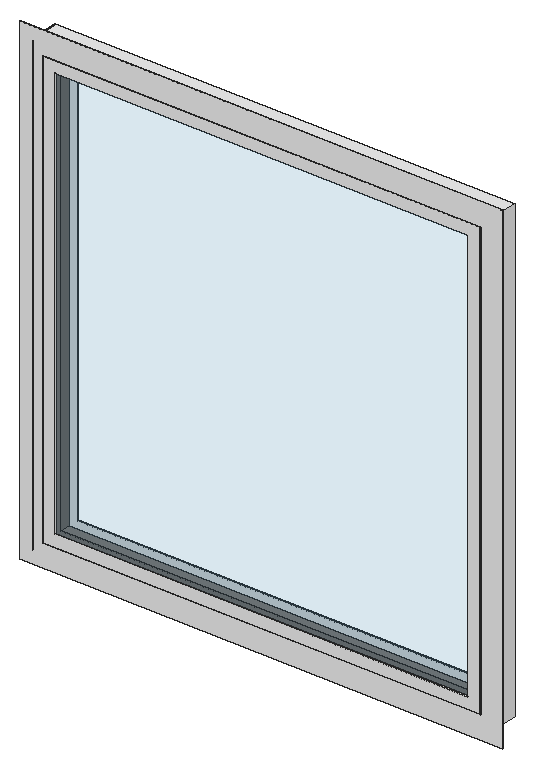
Revit family "Casement_38_H_Top_Hung_Standard", category Windows, host Wall, Revit 2014
Parameters (values of type "Casement_Sash_DG")
  Width Sash [instance] = 30 mm
  Width Sash Inner = 15 mm
  Width Bead = 15 mm
  Top Hung [instance] = yes
  Side Hung Right [instance] = yes
  Side Hung Left [instance] = yes
  Sash Opening Width [instance] = 600 mm
  Sash Opening Height [instance] = 600.312 mm
  Sash Lip = 15 mm
  Glazing Material [instance] = Glass
  DG Start Piece 2 [instance] = DG End Piece 1 + DG Gasket Thickness  # 25 mm
  DG Start Peice 1 [instance] = (Depth Sash - (2 * DG Glazing Thickness) - DG Gasket Thickness) / 2  # 6.6 mm
  Glazing Offset = 5 mm
  DG Glazing Thickness [instance] = 6.4 mm
  DG Gasket Thickness = 12 mm  # constant formula
  DG Gasket Material [instance] = Double Glazing Gasket Material
  DG End Piece 2 [instance] = DG Start Piece 2 + DG Glazing Thickness  # 31.4 mm
  DG End Piece 1 [instance] = DG Start Peice 1 + DG Glazing Thickness  # 13 mm
  Depth Sash [instance] = 38 mm
  Center Vertical Sash [instance] = Sash Opening Height / 2  # 300.156 mm
  Center Horizontal Sash [instance] = Sash Opening Width / 2  # 300 mm
  Bottom Hung [instance] = yes
  Bead Offset = 15 mm
  Aluminium Thickness = 1 mm
  Aluminium Material [instance] = White Powder Coated Aluminium
Reference planes
  plane 1 "Center (Front/Back)": y = 0
  plane 2: z = 0
  plane 3 "Center (Left/Right)": x = 0
Forms (mm)
  Sweep 1, solid, material "White Powder Coated Aluminium" <- "Aluminium Material"
    path origin (16.177, 0, 121.331) x (1, 0, 0) y (0, 0, 1)
      loop
        line (0, 0) -> (600, 0) -> (600, 600.312) -> (0, 600.312) -> (0, 0)
    profile origin (316.177, 0, 121.331) x (0, 0, 1) y (0, -1, 0)
      loop
        line (0, 0) -> (30, 0) -> (30, 1) -> (15, 1) -> (15, 38) -> (-15, 38) -> (-15, 37) -> (0, 37) -> (0, 0)
      loop
        line (14, 1) -> (14, 37) -> (1, 37) -> (1, 1) -> (14, 1)
  Sweep 2, solid, material "White Powder Coated Aluminium" <- "Aluminium Material"
    path origin (0, 0, 0) x (1, 0, 0) y (0, 0, 1)
      loop
        line (31.177, 706.643) -> (31.177, 136.331) -> (601.177, 136.331) -> (601.177, 706.643) -> (31.177, 706.643)
    profile origin (316.177, 0, 706.643) x (0, 0, 1) y (0, -1, 0)
      loop
        line (0, 37) -> (0, 38) -> (-15, 38) -> (-15, 37) -> (0, 37)
  Extrusion 3, solid, material "Glass" <- "Glazing Material"
    sketch origin (0, 0, 0) x (1, 0, 0) y (0, 0, 1)
      loop
        line (36.177, 701.643) -> (36.177, 141.331) -> (596.177, 141.331) -> (596.177, 701.643) -> (36.177, 701.643)
    from 6.6 <- "DG Start Peice 1" to 13 <- "DG End Piece 1"
  Extrusion 4, solid, material "Glass" <- "Glazing Material"
    sketch origin (0, 0, 0) x (1, 0, 0) y (0, 0, 1)
      loop
        line (36.177, 701.643) -> (36.177, 141.331) -> (596.177, 141.331) -> (596.177, 701.643) -> (36.177, 701.643)
    from 31.4 <- "DG End Piece 2" to 25 <- "DG Start Piece 2"
  Sweep 5, solid, material "Double Glazing Gasket Material" <- "DG Gasket Material"
    path origin (0, -13, 0) x (1, 0, 0) y (0, 0, 1)
      loop
        line (36.177, 701.643) -> (36.177, 141.331) -> (596.177, 141.331) -> (596.177, 701.643) -> (36.177, 701.643)
    profile origin (316.177, -13, 701.643) x (0, 0, 1) y (0, -1, 0)
      loop
        line (0, 0) -> (0, 12) -> (-7.96, 12) -> (-7.96, 0) -> (0, 0)
Lines and regions (mm)
  model lines
    curve 1: line (1.177, -38, 736.643) -> (31.177, -38, 706.643)
    curve 2: line (601.177, -38, 706.643) -> (631.177, -38, 736.643)
    curve 3: line (601.177, -38, 136.331) -> (631.177, -38, 106.331)
    curve 4: line (1.177, -38, 106.331) -> (31.177, -38, 136.331)
    curve 5: line (631.177, -37, 736.643) -> (616.177, -37, 721.643)
    curve 6: line (1.177, -37, 736.643) -> (16.177, -37, 721.643)
    curve 7: line (1.177, -37, 106.331) -> (16.177, -37, 121.331)
    curve 8: line (631.177, -37, 106.331) -> (616.177, -37, 121.331)
    curve 9: line (616.177, 0, 121.331) -> (586.177, 0, 151.331)
    curve 10: line (46.177, 0, 151.331) -> (16.177, 0, 121.331)
    curve 11: line (616.177, 0, 721.643) -> (586.177, 0, 691.643)
    curve 12: line (46.177, 0, 691.643) -> (16.177, 0, 721.643)
    curve 13: line (31.177, -38, 691.643) -> (46.177, -38, 691.643)
    curve 14: line (586.177, -38, 691.643) -> (601.177, -38, 691.643)
    curve 15: line (586.177, -38, 151.331) -> (601.177, -38, 151.331)
    curve 16: line (31.177, -38, 151.331) -> (46.177, -38, 151.331)
  model lines, style "GenericModelHiddenLines", visible <- "Top Hung"
    curve 17: line (46.386, -31.4, 690.914) -> (316.177, -31.4, 151.331)
    curve 18: line (316.177, -31.4, 151.331) -> (586.177, -31.4, 691.331)
  model lines, style "GenericModelHiddenLines", visible <- "Bottom Hung"
    curve 19: line (46.177, -31.4, 151.331) -> (316.177, -31.4, 691.331)
    curve 20: line (316.177, -31.4, 691.331) -> (586.177, -31.4, 151.331)
  model lines, style "GenericModelHiddenLines", visible <- "Side Hung Left"
    curve 21: line (46.386, -31.4, 690.914) -> (585.24, -31.4, 421.487)
    curve 22: line (585.24, -31.4, 421.487) -> (46.177, -31.4, 151.331)
  model lines, style "GenericModelHiddenLines", visible <- "Side Hung Right"
    curve 23: line (586.177, -31.4, 691.331) -> (46.177, -31.4, 421.487)
    curve 24: line (46.177, -31.4, 421.487) -> (586.177, -31.4, 151.331)
Dimensions and locks
  "Aluminium Thickness": Sweep 1 sketch curve to Sweep 1 sketch curve  (x4)
  "Depth Sash": Sweep 1 sketch curve to Sweep 1 sketch curve
  "Sash Opening Width": Sweep 1 to Sweep 1
  "Sash Opening Height": Sweep 1 to Sweep 1
  "Width Sash": Sweep 1 sketch curve to Sweep 1 sketch curve  (x2)
  "Width Sash Inner": Sweep 1 sketch curve to Sweep 1 sketch curve
  "Sash Lip": Sweep 1 sketch curve to Sweep 1 sketch curve
  "Aluminium Thickness": Sweep 1 to Sweep 2 sketch curve
  "Glazing Offset": Sweep 2 to Extrusion 3 sketch curve  (x3)
  "Glazing Offset": Extrusion 3 sketch curve to Sweep 2
  Sweep 1 to Sweep 1 = 1 mm
  "Aluminium Thickness": Sweep 2 sketch curve to Sweep 2 sketch curve
  "Width Bead": Sweep 2 sketch curve to Sweep 2 sketch curve
  locked: Sweep 5 sketch curve to Sweep 5 sketch curve at 7.96
  "Center Horizontal Sash": Sweep 1 to curve 18
  "Center Horizontal Sash": Sweep 1 to curve 20
  "Center Vertical Sash": Sweep 1 to curve 22
  "Center Vertical Sash": Sweep 1 to curve 24
  aligned and locked: level to plane 2
  aligned and locked: Sweep 1 sketch curve to Sweep 1 sketch curve  (x2)
  aligned and locked: Sweep 2 sketch curve to Sweep 1  (x5)
  aligned and locked: Extrusion 4 sketch curve to Extrusion 3  (x4)
  aligned and locked: Sweep 5 sketch curve to Extrusion 3  (x5)
  aligned and locked: Extrusion 3 to Sweep 5 sketch curve
Automatic sketch dimensions
  plane 3 "Center (Left/Right)" to Sweep 1 sketch curve = 16.177 mm
  level to Sweep 1 sketch curve = 121.331 mm
  plane 3 "Center (Left/Right)" to Sweep 1 sketch curve = 616.177 mm
  level to Sweep 1 sketch curve = 721.643 mm
  profile plane to Sweep 5 sketch curve = 12 mm
  curve 7 to Sweep 1 = 0 mm  (x4)
  curve 6 to Sweep 1 = 0 mm  (x3)
  Sweep 1 to curve 6 = 0 mm
  curve 5 to Sweep 1 = 0 mm  (x3)
  curve 8 to Sweep 1 = 0 mm  (x4)
  Sweep 1 to curve 5 = 0 mm
  curve 16 to Sweep 2 = 0 mm  (x3)
  curve 13 to Sweep 2 = 0 mm  (x3)
  curve 15 to Sweep 2 = 0 mm
  Sweep 2 to curve 15 = 0 mm  (x2)
  curve 14 to Sweep 2 = 0 mm  (x2)
  Sweep 2 to curve 14 = 0 mm
  curve 1 to Sweep 1 = 0 mm  (x4)
  curve 4 to Sweep 1 = 0 mm  (x3)
  Sweep 1 to curve 4 = 0 mm
  curve 3 to Sweep 1 = 0 mm  (x3)
  curve 2 to Sweep 1 = 0 mm  (x4)
  Sweep 1 to curve 3 = 0 mm
  curve 10 to Sweep 1 = 0 mm  (x4)
  curve 12 to Sweep 1 = 0 mm  (x3)
  Sweep 1 to curve 12 = 0 mm
  curve 9 to Sweep 1 = 0 mm  (x4)
  curve 11 to Sweep 1 = 0 mm  (x3)
  Sweep 1 to curve 11 = 0 mm
  Sweep 1 sketch curve to plane 1 "Center (Front/Back)" = 0 mm
  profile plane to Sweep 1 sketch curve = 0 mm
  curve 21 to Extrusion 4 = 10.208 mm
  curve 19 to Extrusion 4 = 10 mm
  curve 23 to Extrusion 4 = 10 mm  (x2)
  curve 22 to Extrusion 4 = 10.937 mm
  curve 20 to Extrusion 4 = 10 mm
  curve 24 to Extrusion 4 = 10 mm
  curve 22 to Extrusion 4 = 10 mm
  curve 18 to Extrusion 4 = 10 mm
  curve 21 to Extrusion 4 = 10.729 mm
  curve 19 to Extrusion 4 = 10.312 mm
  curve 18 to Extrusion 4 = 10.312 mm
Types in the file's own list only (12): name | Windload Design | Width Sash Opening | Width Sash 2 | Width Sash 1 | Width Profile | Width Panel 3 | Width Panel 2 | Width Panel 1 | Width | URL | Max System DG Unit Thickness | Max System DG One Piece Thickness | Max Pane Area | Intruderprufe U Value | Intruderprufe SHGC Value | Intruderprufe LowE U Value | Intruderprufe LowE SHGC Value | Intruderprufe Insulated U Value | Intruderprufe Insulated SHGC Value | Intruderprufe Insulated LowE U Value | Intruderprufe Insulated LowE SHGC Value | Height | Energy Advantage U Value | Energy Advantage SHGC Value | DG Thickness Calc | Custom Window Width | Custom Window Height | Custom Windload | Sash Width | Custom Sash Bottom Height | Custom Sash Top Height | Sash Spacing Inner | Sash Overlap | Sash Center Offset | SG Gasket Thickness | Offset Window Exterior | Offset Sash Left | Offset Sash 2 Top | Offset Sash 1 Top | Offset Panel 4 Left | Offset Panel 3 Bead Top | Offset Mullion Left | Offset Transom 2 Top | Offset Transom 1 Top | Offset Bead SG Center Reversed | Model | Manufacturer | Limit Window Width Min | Limit Window Width Max | Limit Window Height Min | Limit Window Height Max | Limit Sash Width Min | Limit Sash Width Max | Limit Sash Height Min | Limit Sash Height Max | Limit Fixed Pane Height Min | Limit Fixed Pane Height Max | Length Transom | Height Sash 2 Opening | Height Sash 2 | Height Sash 1 Opening | Height Sash 1 | Height Panel 3 | Height Panel 2 | Height Panel 1 | Description | Frame Center Offset | Depth Bead | Default Sill Height | Wall Closure | DG Gasket Finish | DG Extrusion Start | Window Exterior Offset | Clearvue U Value | Clearvue SHGC Value | Clearvue Insulated U Value | Clearvue Insulated SHGC Value | Clearvue Insulated LowE U Value | Clearvue Insulated LowE SHGC Value | Casement Dimension | Bottom Hung | Bead SG Gap | Area Pane Top | Area Pane Middle | Area Pane Bottom
  38-0615DT-1000Pa | 1000 mm | 544 mm | 514 mm | 514 mm | 30 mm | 530 mm | 530 mm | 530 mm | 590 mm | "http://www.crealco.co.za/crealco-products.php" | 25 mm | 6 mm | 0.23 m² | 6.25 | 0.538 | 4.86 | 0.456 | 4.3 | 0.44 | 3.88 | 0.402 | 1490 mm | 4.96 | 0.494 | 4 mm | 590 mm | 1490 mm | 1000 mm | 544 mm | 554 mm | 554 mm | 8 mm | 7 mm | 16 mm | 6 mm | 19 mm | 23 mm | 593 mm | 23 mm | 589 mm | 1170 mm | 559 mm | 1140 mm | 570 mm | 19 mm | "Casement 38" | "Crealco" | 346 mm | 1546 mm | 1400 mm | 3000 mm | 300 mm | 1500 mm | 300 mm | 1200 mm | 200 mm | 1800 mm | 530 mm | 554 mm | 524 mm | 554 mm | 524 mm | 290 mm | 540 mm | 540 mm | "Window 38mm, Type H top hung" | 19 mm | 24 mm | 800 mm | By host | Double Glazing Gasket Material | 9 mm | 0 mm | 6.24 | 0.55 | 4.4 | 0.472 | 3.97 | 0.43 | 38 mm | No | 13 mm | 0.23 m² | 0.23 m² | 0.15 m²
  38-0615DT-1500Pa | 1500 mm | 544 mm | 514 mm | 514 mm | 30 mm | 530 mm | 530 mm | 530 mm | 590 mm | "http://www.crealco.co.za/crealco-products.php" | 25 mm | 6 mm | 0.23 m² | 6.25 | 0.538 | 4.86 | 0.456 | 4.3 | 0.44 | 3.88 | 0.402 | 1490 mm | 4.96 | 0.494 | 4 mm | 590 mm | 1490 mm | 1500 mm | 544 mm | 554 mm | 554 mm | 8 mm | 7 mm | 16 mm | 6 mm | 19 mm | 23 mm | 593 mm | 23 mm | 589 mm | 1170 mm | 559 mm | 1140 mm | 570 mm | 19 mm | "Casement 38" | "Crealco" | 346 mm | 1546 mm | 1400 mm | 3000 mm | 300 mm | 1500 mm | 300 mm | 1200 mm | 200 mm | 1800 mm | 530 mm | 554 mm | 524 mm | 554 mm | 524 mm | 290 mm | 540 mm | 540 mm | "Window 38mm, Type H top hung" | 19 mm | 24 mm | 800 mm | By host | Double Glazing Gasket Material | 9 mm | 0 mm | 6.24 | 0.55 | 4.4 | 0.472 | 3.97 | 0.43 | 38 mm | No | 13 mm | 0.23 m² | 0.23 m² | 0.15 m²
  38-0615DT-2000Pa | 2000 mm | 544 mm | 514 mm | 514 mm | 30 mm | 530 mm | 530 mm | 530 mm | 590 mm | "http://www.crealco.co.za/crealco-products.php" | 25 mm | 6 mm | 0.23 m² | 6.25 | 0.538 | 4.86 | 0.456 | 4.3 | 0.44 | 3.88 | 0.402 | 1490 mm | 4.96 | 0.494 | 4 mm | 590 mm | 1490 mm | 2000 mm | 544 mm | 554 mm | 554 mm | 8 mm | 7 mm | 16 mm | 6 mm | 19 mm | 23 mm | 593 mm | 23 mm | 589 mm | 1170 mm | 559 mm | 1140 mm | 570 mm | 19 mm | "Casement 38" | "Crealco" | 346 mm | 1546 mm | 1400 mm | 3000 mm | 300 mm | 1500 mm | 300 mm | 1200 mm | 200 mm | 1800 mm | 530 mm | 554 mm | 524 mm | 554 mm | 524 mm | 290 mm | 540 mm | 540 mm | "Window 38mm, Type H top hung" | 19 mm | 24 mm | 800 mm | By host | Double Glazing Gasket Material | 9 mm | 0 mm | 6.24 | 0.55 | 4.4 | 0.472 | 3.97 | 0.43 | 38 mm | No | 13 mm | 0.23 m² | 0.23 m² | 0.15 m²
  38-0915DT-1000Pa | 1000 mm | 844 mm | 814 mm | 814 mm | 30 mm | 830 mm | 830 mm | 830 mm | 890 mm | "http://www.crealco.co.za/crealco-products.php" | 25 mm | 6 mm | 0.37 m² | 6.2 | 0.585 | 4.68 | 0.494 | 4.07 | 0.477 | 3.6 | 0.436 | 1490 mm | 4.78 | 0.537 | 4 mm | 890 mm | 1490 mm | 1000 mm | 844 mm | 554 mm | 554 mm | 8 mm | 7 mm | 16 mm | 6 mm | 19 mm | 23 mm | 593 mm | 23 mm | 889 mm | 1170 mm | 859 mm | 1140 mm | 570 mm | 19 mm | "Casement 38" | "Crealco" | 346 mm | 1546 mm | 1400 mm | 3000 mm | 300 mm | 1500 mm | 300 mm | 1200 mm | 200 mm | 1800 mm | 830 mm | 554 mm | 524 mm | 554 mm | 524 mm | 290 mm | 540 mm | 540 mm | "Window 38mm, Type H top hung" | 19 mm | 24 mm | 800 mm | By host | Double Glazing Gasket Material | 9 mm | 0 mm | 6.19 | 0.599 | 4.16 | 0.514 | 3.68 | 0.468 | 38 mm | No | 13 mm | 0.37 m² | 0.37 m² | 0.23 m²
  38-0915DT-1500Pa | 1500 mm | 844 mm | 814 mm | 814 mm | 30 mm | 830 mm | 830 mm | 830 mm | 890 mm | "http://www.crealco.co.za/crealco-products.php" | 25 mm | 6 mm | 0.37 m² | 6.2 | 0.585 | 4.68 | 0.494 | 4.07 | 0.477 | 3.6 | 0.436 | 1490 mm | 4.78 | 0.537 | 4 mm | 890 mm | 1490 mm | 1500 mm | 844 mm | 554 mm | 554 mm | 8 mm | 7 mm | 16 mm | 6 mm | 19 mm | 23 mm | 593 mm | 23 mm | 889 mm | 1170 mm | 859 mm | 1140 mm | 570 mm | 19 mm | "Casement 38" | "Crealco" | 346 mm | 1546 mm | 1400 mm | 3000 mm | 300 mm | 1500 mm | 300 mm | 1200 mm | 200 mm | 1800 mm | 830 mm | 554 mm | 524 mm | 554 mm | 524 mm | 290 mm | 540 mm | 540 mm | "Window 38mm, Type H top hung" | 19 mm | 24 mm | 800 mm | By host | Double Glazing Gasket Material | 9 mm | 0 mm | 6.19 | 0.599 | 4.16 | 0.514 | 3.68 | 0.468 | 38 mm | No | 13 mm | 0.37 m² | 0.37 m² | 0.23 m²
  38-0915DT-2000Pa | 2000 mm | 844 mm | 814 mm | 814 mm | 30 mm | 830 mm | 830 mm | 830 mm | 890 mm | "http://www.crealco.co.za/crealco-products.php" | 25 mm | 6 mm | 0.37 m² | 6.2 | 0.585 | 4.68 | 0.494 | 4.07 | 0.477 | 3.6 | 0.436 | 1490 mm | 4.78 | 0.537 | 4 mm | 890 mm | 1490 mm | 2000 mm | 844 mm | 554 mm | 554 mm | 8 mm | 7 mm | 16 mm | 6 mm | 19 mm | 23 mm | 593 mm | 23 mm | 889 mm | 1170 mm | 859 mm | 1140 mm | 570 mm | 19 mm | "Casement 38" | "Crealco" | 346 mm | 1546 mm | 1400 mm | 3000 mm | 300 mm | 1500 mm | 300 mm | 1200 mm | 200 mm | 1800 mm | 830 mm | 554 mm | 524 mm | 554 mm | 524 mm | 290 mm | 540 mm | 540 mm | "Window 38mm, Type H top hung" | 19 mm | 24 mm | 800 mm | By host | Double Glazing Gasket Material | 9 mm | 0 mm | 6.19 | 0.599 | 4.16 | 0.514 | 3.68 | 0.468 | 38 mm | No | 13 mm | 0.37 m² | 0.37 m² | 0.23 m²
  38-0618DT-1000Pa | 1000 mm | 544 mm | 514 mm | 514 mm | 30 mm | 530 mm | 530 mm | 530 mm | 590 mm | "http://www.crealco.co.za/crealco-products.php" | 25 mm | 6 mm | 0.30 m² | 6.19 | 0.561 | 4.73 | 0.481 | 4.14 | 0.464 | 3.69 | 0.424 | 1790 mm | 4.84 | 0.519 | 4 mm | 590 mm | 1790 mm | 1000 mm | 544 mm | 554 mm | 554 mm | 8 mm | 7 mm | 16 mm | 6 mm | 19 mm | 23 mm | 593 mm | 23 mm | 589 mm | 1170 mm | 559 mm | 1140 mm | 570 mm | 19 mm | "Casement 38" | "Crealco" | 346 mm | 1546 mm | 1400 mm | 3000 mm | 300 mm | 1500 mm | 300 mm | 1200 mm | 200 mm | 1800 mm | 530 mm | 554 mm | 524 mm | 554 mm | 524 mm | 590 mm | 540 mm | 540 mm | "Window 38mm, Type H top hung" | 19 mm | 24 mm | 800 mm | By host | Double Glazing Gasket Material | 9 mm | 0 mm | 6.19 | 0.579 | 4.24 | 0.498 | 3.77 | 0.454 | 38 mm | No | 13 mm | 0.23 m² | 0.23 m² | 0.30 m²
  38-0618DT-1500Pa | 1500 mm | 544 mm | 514 mm | 514 mm | 30 mm | 530 mm | 530 mm | 530 mm | 590 mm | "http://www.crealco.co.za/crealco-products.php" | 25 mm | 6 mm | 0.30 m² | 6.19 | 0.561 | 4.73 | 0.481 | 4.14 | 0.464 | 3.69 | 0.424 | 1790 mm | 4.84 | 0.519 | 4 mm | 590 mm | 1790 mm | 1500 mm | 544 mm | 554 mm | 554 mm | 8 mm | 7 mm | 16 mm | 6 mm | 19 mm | 23 mm | 593 mm | 23 mm | 589 mm | 1170 mm | 559 mm | 1140 mm | 570 mm | 19 mm | "Casement 38" | "Crealco" | 346 mm | 1546 mm | 1400 mm | 3000 mm | 300 mm | 1500 mm | 300 mm | 1200 mm | 200 mm | 1800 mm | 530 mm | 554 mm | 524 mm | 554 mm | 524 mm | 590 mm | 540 mm | 540 mm | "Window 38mm, Type H top hung" | 19 mm | 24 mm | 800 mm | By host | Double Glazing Gasket Material | 9 mm | 0 mm | 6.19 | 0.579 | 4.24 | 0.498 | 3.77 | 0.454 | 38 mm | No | 13 mm | 0.23 m² | 0.23 m² | 0.30 m²
  38-0618DT-2000Pa | 2000 mm | 544 mm | 514 mm | 514 mm | 30 mm | 530 mm | 530 mm | 530 mm | 590 mm | "http://www.crealco.co.za/crealco-products.php" | 25 mm | 6 mm | 0.30 m² | 6.19 | 0.561 | 4.73 | 0.481 | 4.14 | 0.464 | 3.69 | 0.424 | 1790 mm | 4.84 | 0.519 | 4 mm | 590 mm | 1790 mm | 2000 mm | 544 mm | 554 mm | 554 mm | 8 mm | 7 mm | 16 mm | 6 mm | 19 mm | 23 mm | 593 mm | 23 mm | 589 mm | 1170 mm | 559 mm | 1140 mm | 570 mm | 19 mm | "Casement 38" | "Crealco" | 346 mm | 1546 mm | 1400 mm | 3000 mm | 300 mm | 1500 mm | 300 mm | 1200 mm | 200 mm | 1800 mm | 530 mm | 554 mm | 524 mm | 554 mm | 524 mm | 590 mm | 540 mm | 540 mm | "Window 38mm, Type H top hung" | 19 mm | 24 mm | 800 mm | By host | Double Glazing Gasket Material | 9 mm | 0 mm | 6.19 | 0.579 | 4.24 | 0.498 | 3.77 | 0.454 | 38 mm | No | 13 mm | 0.23 m² | 0.23 m² | 0.30 m²
  38-0918DT-1000Pa | 1000 mm | 844 mm | 814 mm | 814 mm | 30 mm | 830 mm | 830 mm | 830 mm | 890 mm | "http://www.crealco.co.za/crealco-products.php" | 25 mm | 6 mm | 0.48 m² | 6.14 | 0.607 | 4.56 | 0.518 | 3.91 | 0.502 | 3.41 | 0.457 | 1790 mm | 4.56 | 0.561 | 4 mm | 890 mm | 1790 mm | 1000 mm | 844 mm | 554 mm | 554 mm | 8 mm | 7 mm | 16 mm | 6 mm | 19 mm | 23 mm | 593 mm | 23 mm | 889 mm | 1170 mm | 859 mm | 1140 mm | 570 mm | 19 mm | "Casement 38" | "Crealco" | 346 mm | 1546 mm | 1400 mm | 3000 mm | 300 mm | 1500 mm | 300 mm | 1200 mm | 200 mm | 1800 mm | 830 mm | 554 mm | 524 mm | 554 mm | 524 mm | 590 mm | 540 mm | 540 mm | "Window 38mm, Type H top hung" | 19 mm | 24 mm | 800 mm | By host | Double Glazing Gasket Material | 9 mm | 0 mm | 6.15 | 0.627 | 4 | 0.54 | 3.48 | 0.492 | 38 mm | No | 13 mm | 0.37 m² | 0.37 m² | 0.48 m²
  38-0918DT-1500Pa | 1500 mm | 844 mm | 814 mm | 814 mm | 30 mm | 830 mm | 830 mm | 830 mm | 890 mm | "http://www.crealco.co.za/crealco-products.php" | 25 mm | 6 mm | 0.48 m² | 6.14 | 0.607 | 4.56 | 0.518 | 3.91 | 0.502 | 3.41 | 0.457 | 1790 mm | 4.56 | 0.561 | 4 mm | 890 mm | 1790 mm | 1500 mm | 844 mm | 554 mm | 554 mm | 8 mm | 7 mm | 16 mm | 6 mm | 19 mm | 23 mm | 593 mm | 23 mm | 889 mm | 1170 mm | 859 mm | 1140 mm | 570 mm | 19 mm | "Casement 38" | "Crealco" | 346 mm | 1546 mm | 1400 mm | 3000 mm | 300 mm | 1500 mm | 300 mm | 1200 mm | 200 mm | 1800 mm | 830 mm | 554 mm | 524 mm | 554 mm | 524 mm | 590 mm | 540 mm | 540 mm | "Window 38mm, Type H top hung" | 19 mm | 24 mm | 800 mm | By host | Double Glazing Gasket Material | 9 mm | 0 mm | 6.15 | 0.627 | 4 | 0.54 | 3.48 | 0.492 | 38 mm | No | 13 mm | 0.37 m² | 0.37 m² | 0.48 m²
  38-0918DT-2000Pa | 2000 mm | 844 mm | 814 mm | 814 mm | 30 mm | 830 mm | 830 mm | 830 mm | 890 mm | "http://www.crealco.co.za/crealco-products.php" | 25 mm | 6 mm | 0.48 m² | 6.14 | 0.607 | 4.56 | 0.518 | 3.91 | 0.502 | 3.41 | 0.457 | 1790 mm | 4.56 | 0.561 | 4 mm | 890 mm | 1790 mm | 2000 mm | 844 mm | 554 mm | 554 mm | 8 mm | 7 mm | 16 mm | 6 mm | 19 mm | 23 mm | 593 mm | 23 mm | 889 mm | 1170 mm | 859 mm | 1140 mm | 570 mm | 19 mm | "Casement 38" | "Crealco" | 346 mm | 1546 mm | 1400 mm | 3000 mm | 300 mm | 1500 mm | 300 mm | 1200 mm | 200 mm | 1800 mm | 830 mm | 554 mm | 524 mm | 554 mm | 524 mm | 590 mm | 540 mm | 540 mm | "Window 38mm, Type H top hung" | 19 mm | 24 mm | 800 mm | By host | Double Glazing Gasket Material | 9 mm | 0 mm | 6.15 | 0.627 | 4 | 0.54 | 3.48 | 0.492 | 38 mm | No | 13 mm | 0.37 m² | 0.37 m² | 0.48 m²
